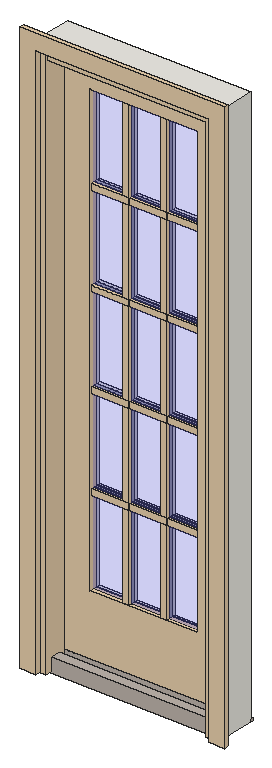
Revit family "Door-Gliding-Andersen-400_Series-Single 2", category Doors, host Wall, Revit 2013
Parameters
  Type Comments = "Vinyl-clad wood Gliding Staionary Patio Door"  # constant formula
  Rough Width = Width + (Rough Opening Offset * 2)  # 2' - 2 1/2"
  Rough Opening Offset = 0' - 0 1/4"
  Rough Height = if(1 > 0, Height + 0' 0 1/2", 0' 0")  # 6' - 8 1/2"
  Masonry Width = if(Enter Exterior Trim Number > 0, Width + ((casing4 + Masonry Opening Offset) * 2), Width + (Masonry Opening Offset * 2))  # 2' - 2 1/2"
  Masonry Opening Offset = 0' - 0 1/4"
  Masonry Height = if(Enter Exterior Trim Number > 0, Height + (casing4 + 0' 0 1/2"), Height + 0' 0 1/2")  # 6' - 8 1/2"
  Learn About These Parameters = "http://www.andersenwindows.com/for-professionals/cad-symbols-bim-support-window-doors/bim-support"
  Interior Material = Wood - Andersen - Pine
  Interior Grille Bar Visibility = yes
  Grille Bar Sizes = "3/4'', 7/8'', 1 1/8'', 2 1/4''"  # constant formula
  Exterior Grille Bar Visibility = yes
  Between Glass Grille Bar Sizes = "3/4'', 1''"  # constant formula
  Interior Trim Visibility = yes
  Grille Bar Size = 0' - 0 7/8"
  Enter Pattern Number = 1
  ..Pattern Number 1 = "Colonial"  # constant formula
  . . Lights Wide = 3
  . . Lights High = 5
  ..Pattern Number 2 = "Modified Colonial"  # constant formula
  ..Pattern Number 3 = "Prairie"  # constant formula
  ..Pattern Number 4 = "Short Fractional"  # constant formula
  ..Pattern Number 5 = "Tall Fractional"  # constant formula
  Extension Jamb Visibility = yes
  Enter Exterior Trim Number = 0
  ..Exterior Trim Number 0 = "No Exterior Trim"  # constant formula
  ..Exterior Trim  Number 1 = "Brick Mould"  # constant formula
  ..Exterior Trim Number 2 = "3 1/2'' Flat Casing"  # constant formula
  ..Exterior Trim  Number 3 = "4 1/2'' Flat Casing"  # constant formula
  Between Glass Grille Bar Visibility = yes
  xjamb Visibility [instance] = and(Extension Jamb Visibility, Wall Depth > 0' 4 9/16")  # no
  xjamb S1 [instance] = if(Wall Depth < 0' 4 5/8", 0' 0 1/16", 0' 0")  # 0' - 0 1/16"
  casingS2 = if(Enter Exterior Trim Number = 1, 0' 0 3/16", 0' 0 3/16")  # 0' - 0 3/16"
  casingS1 = if(Enter Exterior Trim Number = 1, 0' 0 7/16", 0' 0 3/16")  # 0' - 0 3/16"
  casing4 = if(Enter Exterior Trim Number = 1, 0' 1 3/4", if(Enter Exterior Trim Number = 2, 0' 3 1/4", 0' 4 1/4"))  # 0' - 4 1/4"
  casing3 = 0' - 0 1/2"  # constant formula
  casing2 = 0' - 0 7/8"  # constant formula
  casing1 = 0' - 0 1/4"  # constant formula
  Wall Thickness [instance] = 0' - 8"
  Wall Depth [instance] = 0' - 4 9/16"
  Void Offset 1 [instance] = if(Enter Exterior Trim Number > 0, casing4, 0' 0")  # 0' - 0"
  Void Depth [instance] = if(Wall Thickness > Wall Depth, 0' 1" + Wall Thickness - Wall Depth, 0' 1")  # 0' - 4 7/16"
  VGB DLO = if(Enter Pattern Number = 3, 0' 4", (H DLO - (Grille Bar Size * (V Bars))) / if(LWide > 2, LWide, 3))  # 0' - 4.56771"
  V Bars = if(Enter Pattern Number = 3, 2, if(LWide > 2, LWide - 1, 2))  # 2
  URL = "www.andersenwindows.com"
  TS V DLO = Height - HGO - SGO  # 5' - 3 7/8"
  TS V Bar Length = if(or(Enter Pattern Number = 5, Enter Pattern Number = 2), ((((Height - HGO - SGO - (Grille Bar Size * (Fractional Lights High - 1))) / Fractional Lights High)) * TFL) + (TFB * Grille Bar Size), if(Enter Pattern Number = 4, ((Height - HGO - SGO - (Grille Bar Size * (Fractional Lights High - 1))) / Fractional Lights High), Height - HGO - SGO))  # 5' - 3 7/8"
  TS SH DLO = if(or(Enter Pattern Number = 5, Enter Pattern Number = 2), ((((Height - HGO - SGO - (Grille Bar Size * (Fractional Lights High - 1))) / Fractional Lights High)) * TFL) + (TFB * Grille Bar Size) + HGO + (Grille Bar Size / 2), if(Enter Pattern Number = 4, TS V Bar Length + HGO + (Grille Bar Size / 2), (TS V DLO / 2) + HGO))  # 3' - 1 1/2"
  TS S V = or(and(LWide = 2, Enter Pattern Number = 1), and(Fractional Lights Wide = 2, or(or(Enter Pattern Number = 2, Enter Pattern Number = 4), Enter Pattern Number = 5)))  # no
  TS S H Craftsman = and(Enter Pattern Number = 2, or(Fractional Lights High = 4, Fractional Lights High = 5))  # no
  TS S H = or(or(or(and(. . Lights High = 2, Enter Pattern Number = 1), and(Enter Pattern Number = 4, Fractional Lights High > 1)), and(Enter Pattern Number = 5, Fractional Lights High > 1)), and(Enter Pattern Number = 2, Fractional Lights High > 1))  # no
  TS M V = and(Enter Pattern Number > 0, LWide > 2)  # yes
  TS M H = or(or(Enter Pattern Number = 3, and(. . Lights High > 2, Enter Pattern Number = 1)), and(Enter Pattern Number = 2, Fractional Lights High > 5))  # yes
  TS HGB DLO = if(Enter Pattern Number = 1, if(. . Lights High > 2, ((TS V Bar Length - (Grille Bar Size * (. . Lights High - 1))) / . . Lights High), 0' 4"), if(Enter Pattern Number = 3, 0' 4", if(Fractional Lights High > 2, ((TS V Bar Length - (Grille Bar Size * 2)) / 3), 0' 4")))  # 1' - 0.075"
  TS H Bars = if(Enter Pattern Number = 3, 2, if(Enter Pattern Number = 1, if(. . Lights High > 2, . . Lights High - 1, 2), 2))  # 4
  TFL = if(Fractional Lights High > 5, 3, if(or(Fractional Lights High = 4, Fractional Lights High = 5), 2, if(or(Fractional Lights High = 2, Fractional Lights High = 3), 1, 1)))  # 2
  TFB = TFL - 1  # 1
  Sill Interior Offset [instance] = 0' - 0"  # constant formula
  Sill Height [instance] = 0' - 1 25/32"  # constant formula
  Panel Bottom Inset [instance] = 0' - 2 5/32"  # constant formula
  Sill Depth [instance] = 0' - 5 1/2"  # constant formula
  SGO = 0' - 10 9/16"  # constant formula
  Product Documentation Link = "http://www.andersenwindows.com/products/400-series-frenchwood-gliding-patio-door/"
  Panel Width = ((Width) - 0' 1 3/4") + 0' 3 1/2"  # 2' - 3 3/4"
  Panel Height [instance] = (CTRL Height - 0' 0 1/2" - Panel Bottom Inset) - 0' 0 15/32"  # 6' - 4 7/8"
  Nail Fin Visibility = Enter Exterior Trim Number = 0  # yes
  Model = "400 Series Gliding"  # constant formula
  Manufacturer = "Andersen Corporation"  # constant formula
  LWide = if(Enter Pattern Number = 3, 3, if(Enter Pattern Number = 1, . . Lights Wide, Fractional Lights Wide))  # 3
  JGO = 0' - 5 5/16"  # constant formula
  Is Gliding = 1 = 1  # yes
  Interior Trim Size = 0' - 2 1/4"
  Horizontal Craftsman Bar Size = 0' - 0 3/4"
  HGO = 0' - 5 9/16"  # constant formula
  H DLO = (Width) - JGO - 0' 5 15/64"  # 1' - 3 29/64"
  Glazing Material = Glass ‐ Andersen - Low-E4 SmartSun
  Function = Exterior
  Height = 6' - 8"
  Wall Closure = By host
  Width = 2' - 2"
  Frame Interior Inset [instance] = 0' - 0"  # constant formula
  Frame Depth [instance] = 0' - 5 7/8"  # constant formula
  Fractional Lights Wide = 3
  Fractional Lights High = 5
  Family Version = "06.01.14"  # constant formula
  Exterior Unit Finish = Vinyl - Andersen - White
  Exterior Trim Finish = Fibrex Composite - Andersen - White
  Designation = "FWG"
  Description = "Vinyl-clad wood Gliding Staionary Patio Door"  # constant formula
  Coarse Plan [instance] = if(Wall Depth > Wall Thickness, Wall Thickness, Wall Depth)  # 0' - 4 9/16"
  Casing Visibility [instance] = Enter Exterior Trim Number > 0  # no
  CTRL Height [instance] = Height  # 6' - 8"
  Between Glass Grille Bar Finish = Stainless Steel - Andersen - Standard
  BS V DLO = Height - HGO - SGO  # 5' - 3 7/8"
  BS SH DLO = if(Enter Pattern Number = 5, SGO + 0' 4" + (Grille Bar Size / 2), (BS V DLO / 2) + SGO)  # 3' - 6 1/2"
  BS S V = and(LWide = 2, Enter Pattern Number = 1)  # no
  BS S H = no
  BS M V = or(or(and(LWide > 2, Enter Pattern Number = 1), Enter Pattern Number = 3), Enter Pattern Number = 5)  # yes
  BS M H = no
  BS HGB DLO = 0' - 2"
  BS H Bars = 2
Reference planes (in)
  plane 1 "Center (Front/Back)": y = 0
  plane 2 "Center (Left/Right)": x = 0
  plane 3 "R Frame": x = -13
  plane 4 "L Frame": x = 13
  plane 5 "T Frame": z = 80
  plane 6 "Wall S1": y = 3.71875
  plane 7 "Wall S2": y = -4.28125
  plane 8 "Interior Casing": y = -4.90625
  plane 9 "Frame S2": y = -4.28125
  plane 10 "Flange": y = 0.28125
  plane 11 "Frame S1": y = 1.59375
  plane 12 "Casing S2": y = 1.78125
  plane 13 "Casing S1": y = 1.78125
  plane 14 "Exterior Offset": y = 4.71875
  plane 15 "Coarse Detail Plan": y = 1.5625
  plane 16 "R Rough Opening": x = -13.25
  plane 17 "R Casing 1": x = -12.75
  plane 18 "R Casing 2": x = -16.375
  plane 19 "R Casing 3": x = -16.75
  plane 20 "R Casing 4": x = -17.25
  plane 21 "R Masonry Opening": x = -13.25
  plane 22 "L Masonry Opening": x = 13.25
  plane 23 "L Casing 4": x = 17.25
  plane 24 "L Casing 3": x = 16.75
  plane 25 "L Casing 2": x = 16.375
  plane 26 "L Casing 1": x = 12.75
  plane 27 "L Rough Opening": x = 13.25
  plane 28 "T Rough Opening": z = 80.5
  plane 29 "T Casing 1": z = 79.75
  plane 30 "T Casing 2": z = 83.375
  plane 31 "T Casing 3": z = 83.75
  plane 32 "T Casing 4": z = 84.25
  plane 33 "T Masonry Opening": z = 80.5
  plane 34 "R Int Casing": x = -14.5
  plane 35 "R Xjamb 2": x = -12.875
  plane 36 "R Xjamb 1": x = -12.25
  plane 37 "L Int Casing": x = 14.5
  plane 38 "L Xjamb 2": x = 12.875
  plane 39 "L Xjamb 1": x = 12.25
  plane 40 "T Int Casing": z = 81.5
  plane 41 "T Xjamb 2": z = 79.875
  plane 42 "T Xjamb 1": z = 79.25
  plane 43 "L Panel": x = 12.062
  plane 44 "R Panel": x = -12.0625
  plane 45 "T Panel": z = 78.84375
  plane 46 "B Panel": z = 1.96875
  plane 47 "B Glazing": z = 10.5625
  plane 48 "T Glazing": z = 74.4375
  plane 49 "L Glazing": x = 7.6875
  plane 50 "R Glazing": x = -7.6875
  plane 51 "Panel1 S1": y = -1.80616
  plane 52 "Panel1 S2": y = -3.52491
  plane 53 "Xjamb S1": y = -4.21875
  plane 54 "Frame S2 Ext": y = 1.59375
  plane 55 "Stop Exterior": y = -1.7389
  plane 56 "Stop Interior": y = -2.12494
  plane 57 "Sill Interior": y = -4.28125
  plane 58 "Sill Exterior": y = 1.21875
  plane 59 "L Stop": x = 11.28075
  plane 60 "R Stop": x = -11.281
  plane 61 "T Stop": z = 78.19848
  plane 62 "Sill Height": z = 1.78125
  plane 63 "Panel2 S1": y = 0.5785
  plane 64 "Panel2 S2": y = -1.14025
  plane 65 "Panel 1 Glazing 1": y = -1.96241
  plane 66 "Panel 1 Glazing 2": y = -1.21241
  plane 67 "Panel 2 Glazing 2": y = -0.57775
  plane 68 "Panel 2 Glazing 1": y = 0.17225
  plane 69 "Panel Elevation Center": z = 40.40625
  plane 70 "Vertical Bar Length": z = 10.5625
Forms (in)
  Extrusion 1, void
    sketch origin (0, 0, 0) x (1, 0, 0) y (0, 0, 1)
      loop
        line (13, 80) -> (-13, 80) -> (-13, 0) -> (13, 0) -> (13, 80)
    from -0.28125 to 4.28125
  Extrusion 2, void
    sketch origin (0, 0, 0) x (1, 0, 0) y (0, 0, 1)
      loop
        line (13, 80) -> (-13, 80) -> (-13, 0) -> (13, 0) -> (13, 80)
    from -15.71875 to -0.28125
  Sweep 3, solid, material "Fibrex Composite - Andersen - White" <- "Exterior Trim Finish", visible <- "Casing Visibility", detail levels medium+fine
    path origin (0, 0.28125, 0) x (-1, 0, 0) y (0, 0, 1)
      loop
        line (-17.25, 0) -> (-17.25, 84.25) -> (17.25, 84.25) -> (17.25, 0)
    profile origin (17.25, 0.28125, 42.125) x (1, 0, 0) y (0, 1, 0)
      loop
        line (-0.875, 1.5) -> (-4.5, 1.5) -> (-4.5, 0) -> (0, 0) -> (0, 1.5) -> (-0.5, 1.5) -> (-0.875, 1.5)
  Extrusion 4, solid, material "Fibrex Composite - Andersen - White" <- "Exterior Trim Finish", visible <- "Casing Visibility", detail levels coarse
    sketch origin (0, 0.28125, 0) x (-1, 0, 0) y (0, 0, 1)
      loop
        line (-12.75, 79.75) -> (12.75, 79.75) -> (12.75, 0) -> (17.25, 0) -> (17.25, 84.25) -> (-17.25, 84.25) -> (-17.25, 0) -> (-12.75, 0) -> (-12.75, 79.75)
    from 0 to 1.4375
  Extrusion 5, solid, material "Wood - Andersen - Pine" <- "Interior Material", visible <- "Interior Trim Visibility", detail levels fine
    sketch origin (0, 0, 0) x (1, 0, 0) y (0, 0, 1)
      loop
        line (-12.25, 79.25) -> (12.25, 79.25) -> (12.25, 0) -> (14.5, 0) -> (14.5, 81.5) -> (-14.5, 81.5) -> (-14.5, 0) -> (-12.25, 0) -> (-12.25, 79.25)
    from 4.28125 to 4.90625
  Extrusion 6, solid, material "Wood - Andersen - Pine" <- "Interior Material", visible <- "xjamb Visibility", detail levels medium+fine
    sketch origin (0, 0, 0) x (1, 0, 0) y (0, 0, 1)
      loop
        line (-12.875, 0) -> (-12.25, 0) -> (-12.25, 79.25) -> (12.25, 79.25) -> (12.25, 0) -> (12.875, 0) -> (12.875, 79.875) -> (-12.875, 79.875) -> (-12.875, 0)
    from 4.21875 to 4.28125
  Sweep 7, solid, material "Vinyl - Andersen - White" <- "Exterior Unit Finish", detail levels medium+fine
    path origin (0, 0.28125, 0) x (-1, 0, 0) y (0, 0, 1)
      loop
        line (-13, 80) -> (13, 80)
    profile origin (0, 0.28125, 80) x (0, 0, 1) y (0, 1, 0)
      loop
        line (0, 1.374) -> (-1, 1.374) -> (-1, -1.5015) -> (-1.75, -1.5015) -> (-1.75, -1.8925) -> (-1, -1.8925) -> (-1, -3.8103) -> (-1.807, -3.8103) -> (-1.807, -4.5) -> (0, -4.5) -> (0, 1.374)
  Sweep 8, solid, material "Vinyl - Andersen - White" <- "Exterior Unit Finish", detail levels coarse
    path origin (-0.30351, 0.28125, 0) x (-1, 0, 0) y (0, 0, 1)
      loop
        line (-13.30351, 0) -> (-13.30351, 80) -> (12.69649, 80) -> (12.69649, 0)
    profile origin (13, 0.28125, 40) x (1, 0, 0) y (0, 1, 0)
      loop
        line (-0.938, -4.5625) -> (0, -4.5625) -> (0, 0.9375) -> (-0.938, 0.9375) -> (-0.938, -4.5625)
  Sweep 9, solid, material "Aluminum - Andersen - Painted - Sandtone", detail levels medium+fine
    path origin (0, 0.28125, 0) x (-1, 0, 0) y (0, 0, 1)
      loop
        line (-13, 0) -> (13, 0)
    profile origin (0, 0.28125, 0) x (0, 0, 1) y (0, 1, 0)
      loop
        line (0, -3.81874) -> (1.96875, -3.81874) -> (1.96875, -2.41242) -> (0.50251, -2.41242) -> (0.46791, -1.4215) -> (1.96875, -1.4215) -> (1.96875, 0.3525) -> (0.40596, 0.3525) -> (0.35924, 1.69029) -> (0, 1.69029) -> (0, -3.81874)
  Sweep 10, solid, material "Aluminum - Andersen - Painted - Sandtone", detail levels coarse
    path origin (0, 0.28125, 0) x (-1, 0, 0) y (0, 0, 1)
      loop
        line (-13, 1.96875) -> (13, 1.96875)
    profile origin (0, 0.28125, 1.96875) x (0, 0, 1) y (0, 1, 0)
      loop
        line (0, 0.9375) -> (-1.96875, 0.9375) -> (-1.96875, -4.5625) -> (0, -4.5625) -> (0, 0.9375)
  Sweep 11, solid, material "Wood - Andersen - Pine" <- "Interior Material"
    path origin (0, -3.52491, 0) x (-1, 0, 0) y (0, 0, 1)
      loop
        line (12.0625, 1.96875) -> (12.0625, 78.84375) -> (-12.062, 78.84375) -> (-12.062, 1.96875)
    profile origin (-0.00025, -3.52491, 78.84375) x (0, 0, -1) y (0, 1, 0)
      loop
        line (0, 2.38466) -> (4.40625, 2.38466) -> (4.40625, 3.69716) -> (0, 3.69716) -> (0, 2.38466)
  Sweep 12, solid, material "Glass ‐ Andersen - Low-E4 SmartSun" <- "Glazing Material"
    path origin (0, 1.21875, 0) x (-1, 0, 0) y (0, 0, 1)
      loop
        line (0, 10.5625) -> (0, 74.4375)
    profile origin (0, 1.21875, 42.5) x (1, 0, 0) y (0, 1, 0)
      loop
        line (-7.65625, -1.7965) -> (7.6875, -1.7965) -> (7.6875, -1.0465) -> (-7.65625, -1.0465) -> (-7.65625, -1.7965)
  Sweep 13, solid, material "Vinyl - Andersen - White" <- "Exterior Unit Finish"
    path origin (0, 1.21875, 0) x (-1, 0, 0) y (0, 0, 1)
      loop
        line (12.0625, 1.96875) -> (12.0625, 78.84375) -> (-12.062, 78.84375) -> (-12.062, 1.96875)
    profile origin (-0.00025, 1.21875, 78.84375) x (0, 0, -1) y (0, 1, 0)
      loop
        line (0, -0.64025) -> (0, -1.0465) -> (4.40625, -1.0465) -> (4.40625, -0.64025) -> (0, -0.64025)
  Sweep 14, solid, material "Vinyl - Andersen - White" <- "Exterior Unit Finish", detail levels medium+fine
    path origin (0, 0.17225, 0) x (-1, 0, 0) y (0, 0, 1)
      loop
        line (-13, 0) -> (-13, 80)
    profile origin (13, 0.17225, 40) x (1, 0, 0) y (0, 1, 0)
      loop
        line (-1.719, -4.391) -> (0, -4.391) -> (0, 1.484) -> (-1.375, 1.484) -> (-1.375, 0.48524) -> (-0.938, 0.46997) -> (-0.938, -1.47956) -> (-1.375, -1.53745) -> (-1.375, -1.25) -> (-1.719, -1.25) -> (-1.719, -4.391)
      loop
        line (-24.281, -4.4535) -> (-24.281, -1.3125) -> (-24.625, -1.3125) -> (-24.625, -1.59995) -> (-25.062, -1.54206) -> (-25.062, 0.40747) -> (-24.625, 0.42274) -> (-24.625, 1.4215) -> (-26, 1.4215) -> (-26, -4.4535) -> (-24.281, -4.4535)
  Sweep 15, solid, material "Wood - Andersen - Pine" <- "Interior Material"
    path origin (0, 0.17225, 0) x (-1, 0, 0) y (0, 0, 1)
      loop
        line (7.6875, 1.96875) -> (-7.6875, 1.96875)
    profile origin (0, 0.17225, 1.96875) x (0, 0, -1) y (0, 1, 0)
      loop
        line (-8.59375, 0) -> (-8.59375, -1.3125) -> (0, -1.3125) -> (0, 0) -> (-8.59375, 0)
  Sweep 16, solid, material "Vinyl - Andersen - White" <- "Exterior Unit Finish"
    path origin (0, 0.17225, 0) x (-1, 0, 0) y (0, 0, 1)
      loop
        line (7.6875, 1.96875) -> (-7.6875, 1.96875)
    profile origin (0, 0.17225, 1.96875) x (0, 0, -1) y (0, 1, 0)
      loop
        line (-8.59375, 0.40625) -> (-8.59375, 0) -> (0, 0) -> (0, 0.40625) -> (-8.59375, 0.40625)
  Sweep 17, void
    path origin (0, 0.28125, 0) x (-1, 0, 0) y (0, 0, 1)
      loop
        line (0, 0) -> (0, 1.96875)
    profile origin (0, 0.28125, 0.98438) x (1, 0, 0) y (0, 1, 0)
      loop
        line (-11.625, 1.3125) -> (-13, 1.3125) -> (-13, -4.5625) -> (-11.281, -4.5625) -> (-11.281, -1.4215) -> (-11.625, -1.4215) -> (-11.625, -1.70895) -> (-12.062, -1.65106) -> (-12.062, 0.31374) -> (-11.625, 0.31374) -> (-11.625, 1.3125)
      loop
        line (11.625, 1.3125) -> (11.625, 0.37624) -> (12.062, 0.37624) -> (12.062, -1.58856) -> (11.625, -1.64645) -> (11.625, -1.4215) -> (11.28075, -1.4215) -> (11.28075, -4.5625) -> (13, -4.5625) -> (13, 1.3125) -> (11.625, 1.3125)
  Sweep 18, void
    path origin (0, 0.28125, 0) x (-1, 0, 0) y (0, 0, 1)
      loop
        line (0, 0) -> (0, 1.96875)
    profile origin (0, 0.28125, 0.98438) x (1, 0, 0) y (0, 1, 0)
      loop
        line (13, 1.3125) -> (12.062, 1.3125) -> (12.062, -4.5625) -> (13, -4.5625) -> (13, 1.3125)
      loop
        line (-12.062, 1.3125) -> (-13, 1.3125) -> (-13, -4.5625) -> (-12.062, -4.5625) -> (-12.062, 1.3125)
Cuts and joins
  joined: Sweep 13, Sweep 16
  joined: Sweep 11, Sweep 15
  joined: Sweep 7, Sweep 14
  Sweep 17 cuts Sweep 9
  Sweep 18 cuts Sweep 10
Lines and regions (in)
  Masking region 1, visible <- "Casing Visibility"
    outline origin (0, 0, 0) x (0, 1, 0) y (0, 0, 1)
      loop
        line (0.28125, 80) -> (1.59375, 80) -> (1.59375, 0) -> (1.78125, 0) -> (1.78125, 84.25) -> (0.28125, 84.25) -> (0.28125, 80)
  Masking region 2
    outline origin (0, 0, 0) x (1, 0, 0) y (0, 1, 0)
      loop
        line (-13, 1.59375) -> (-13, -4.28125) -> (13, -4.28125) -> (13, 1.59375) -> (-13, 1.59375)
  Masking region 3
    outline origin (0, 0, 0) x (0, 1, 0) y (0, 0, 1)
      loop
        line (1.59375, 80) -> (-4.28125, 80) -> (-4.28125, 0) -> (1.59375, 0) -> (1.59375, 80)
  Masking region 4, visible <- "Casing Visibility", detail levels coarse+medium
    outline origin (0, 0, 0) x (1, 0, 0) y (0, 1, 0)
      loop
        line (-17.25, 1.78125) -> (-17.25, 0.28125) -> (-13, 0.28125) -> (-13, 1.78125) -> (-17.25, 1.78125)
  Masking region 5, visible <- "Casing Visibility", detail levels coarse+medium
    outline origin (0, 0, 0) x (1, 0, 0) y (0, 1, 0)
      loop
        line (13, 1.78125) -> (13, 0.28125) -> (17.25, 0.28125) -> (17.25, 1.78125) -> (13, 1.78125)
  Masking region 6, visible <- "Casing Visibility"
    outline origin (0, 1.21875, 0) x (-1, 0, 0) y (0, 0, 1)
      loop
        line (-17.25, 84.25) -> (-17.25, 0) -> (-13, 0) -> (-13, 80) -> (13, 80) -> (13, 0) -> (17.25, 0) -> (17.25, 84.25) -> (-17.25, 84.25)
  Masking region 7, visible <- "Interior Trim Visibility", detail levels fine
    outline origin (0, -4.90625, 0) x (-1, 0, 0) y (0, 0, 1)
      loop
        line (-14.5, 81.5) -> (-14.5, 0) -> (-12.25, 0) -> (-12.25, 79.25) -> (12.25, 79.25) -> (12.25, 0) -> (14.5, 0) -> (14.5, 81.5) -> (-14.5, 81.5)
  Masking region 8
    outline origin (0, -4.28125, 0) x (-1, 0, 0) y (0, 0, 1)
      loop
        line (-13, 80) -> (-13, 0) -> (13, 0) -> (13, 80) -> (-13, 80)
      loop
        line (-11.28075, 78.19848) -> (-11.28075, 1.78125) -> (11.281, 1.78125) -> (11.281, 78.19848) -> (-11.28075, 78.19848)
  Masking region 9
    outline origin (0, 1.21875, 0) x (-1, 0, 0) y (0, 0, 1)
      loop
        line (13, 80) -> (-13, 80) -> (-13, 0) -> (13, 0) -> (13, 80)
      loop
        line (11.281, 78.19848) -> (-11.28075, 78.19848) -> (-11.28075, 1.96875) -> (11.281, 1.96875) -> (11.281, 78.19848)
  Masking region 10
    outline origin (0, -1.14025, 0) x (-1, 0, 0) y (0, 0, 1)
      loop
        line (12.0625, 78.84375) -> (-12.062, 78.84375) -> (-12.062, 1.96875) -> (12.0625, 1.96875) -> (12.0625, 78.84375)
  Masking region 11, visible <- "Interior Trim Visibility", detail levels fine
    outline origin (0, 0, 0) x (1, 0, 0) y (0, 1, 0)
      loop
        line (-14.5, -4.28125) -> (-14.5, -4.90625) -> (-12.25, -4.90625) -> (-12.25, -4.28125) -> (-14.5, -4.28125)
  Masking region 12, visible <- "xjamb Visibility", detail levels medium+fine
    outline origin (0, 0, 0) x (1, 0, 0) y (0, 1, 0)
      loop
        line (-12.875, -4.21875) -> (-12.875, -4.28125) -> (-12.25, -4.28125) -> (-12.25, -4.21875) -> (-12.875, -4.21875)
  Masking region 13, visible <- "Interior Trim Visibility", detail levels fine
    outline origin (0, 0, 0) x (1, 0, 0) y (0, 1, 0)
      loop
        line (12.25, -4.28125) -> (12.25, -4.90625) -> (14.5, -4.90625) -> (14.5, -4.28125) -> (12.25, -4.28125)
  Masking region 14, visible <- "xjamb Visibility", detail levels medium+fine
    outline origin (0, 0, 0) x (1, 0, 0) y (0, 1, 0)
      loop
        line (12.25, -4.21875) -> (12.25, -4.28125) -> (12.875, -4.28125) -> (12.875, -4.21875) -> (12.25, -4.21875)
  Masking region 15, visible <- "Interior Trim Visibility", detail levels fine
    outline origin (0, 0, 0) x (0, 1, 0) y (0, 0, 1)
      loop
        line (-4.28125, 81.5) -> (-4.90625, 81.5) -> (-4.90625, 0) -> (-4.28125, 0) -> (-4.28125, 81.5)
  Masking region 16, visible <- "xjamb Visibility", detail levels medium+fine
    outline origin (0, 0, 0) x (0, 1, 0) y (0, 0, 1)
      loop
        line (-4.21875, 79.875) -> (-4.28125, 79.875) -> (-4.28125, 0) -> (-4.21875, 0) -> (-4.21875, 79.875)
  Split face 1
    outline origin (13, 0.17225, 80) x (0, 1, 0) y (-1, 0, 0)
      loop
        line (-1.3125, 0) -> (-1.3125, 26)
  Split face 2
    outline origin (13, 1.65625, 0) x (0, 0, 1) y (0, -1, 0)
      loop
        line (80, 2.7965) -> (0, 2.7965)
  Split face 3
    outline origin (-13, -4.28125, 0) x (0, 0, 1) y (0, 1, 0)
      loop
        line (80, 3.141) -> (0, 3.141)
  Split face 4
    outline origin (13, 0.17225, 0) x (0, 1, 0) y (-1, 0, 0)
      loop
        line (-1.3125, 26) -> (-1.3125, 0)
  Masking region 17, visible <- "Casing Visibility", detail levels fine
    outline origin (0, 0, 0) x (1, 0, 0) y (0, 1, 0)
      loop
        line (16.75, 1.78125) -> (16.375, 1.78125) -> (12.75, 1.78125) -> (12.75, 1.59375) -> (13, 1.59375) -> (13, 0.28125) -> (17.25, 0.28125) -> (17.25, 1.78125) -> (16.75, 1.78125)
      loop
        line (-16.375, 1.78125) -> (-16.75, 1.78125) -> (-17.25, 1.78125) -> (-17.25, 0.28125) -> (-13, 0.28125) -> (-13, 1.59375) -> (-12.75, 1.59375) -> (-12.75, 1.78125) -> (-16.375, 1.78125)
  Split face 5
    outline origin (-12.062, -4.28125, 79.062) x (0, 0, -1) y (0, 1, 0)
      loop
        line (79.062, 3.141) -> (0, 3.141)
  Split face 6
    outline origin (12.062, -4.28125, 0) x (0, 0, 1) y (0, 1, 0)
      loop
        line (0, 3.141) -> (79.062, 3.141)
  Split face 7
    outline origin (12.062, -4.28125, 79.062) x (0, 1, 0) y (-1, 0, 0)
      loop
        line (3.141, 24.124) -> (3.141, 0)
  Split face 8
    outline origin (-13, 1.21875, 80) x (0, 0, -1) y (0, -1, 0)
      loop
        line (80, 2.359) -> (0, 2.359)
  Split face 9
    outline origin (13, 1.21875, 80) x (-1, 0, 0) y (0, -1, 0)
      loop
        line (26, 2.359) -> (0, 2.359)
  Split face 10
    outline origin (13, 1.21875, 0) x (0, 0, 1) y (0, -1, 0)
      loop
        line (80, 2.359) -> (0, 2.359)
  symbolic lines, style "DoorsFrameMullionProjection", visible <- "Casing Visibility", detail levels medium+fine
    curve 1: line (0, 1.78125, 83.75) -> (0, 1.78125, 83.375)
    curve 2: line (0, 1.78125, 83.375) -> (0, 1.78125, 79.75)
    curve 3: line (0, 1.78125, 79.75) -> (0, 1.59375, 79.75)
  symbolic lines, style "DoorsFrameMullionProjection", detail levels coarse
    curve 4: line (0, 1.59375, 80) -> (0, 1.78125, 80)
    curve 5: line (12.062, 1.59375, 2.1562) -> (12.062, -4.28125, 2.1562)
    curve 6: line (0, 1.59375, 79.25) -> (0, -4.21875, 79.25)
    curve 7: line (0, 1.21875, 0) -> (0, 1.21875, 1.96875)
    curve 8: line (0, 1.21875, 1.96875) -> (0, -4.28125, 1.96875)
    curve 9: line (0, -4.21875, 79.25) -> (0, 1.59375, 79.25)
    curve 65: line (-12.0625, 1.59375, 2.1562) -> (-12.0625, -4.28125, 2.1562)
  symbolic lines, style "DoorsFrameMullionProjection", detail levels medium+fine
    curve 10: line (-12.625, -4.28125, 1.96875) -> (-13, -4.28125, 1.96875)
    curve 24: line (0, 1.59375, 80) -> (0, 1.59375, 79)
    curve 25: line (0, 1.59375, 79) -> (0, -1.28275, 79)
    curve 26: line (0, -1.28275, 79) -> (0, -1.28275, 78.19848)
    curve 27: line (0, -1.28275, 78.19848) -> (0, -1.67375, 78.19848)
    curve 28: line (0, -1.67375, 78.19848) -> (0, -1.67375, 79)
    curve 29: line (0, -1.67375, 79) -> (0, -3.59155, 79)
    curve 30: line (0, -3.59155, 79) -> (0, -3.59155, 78.193)
    curve 31: line (0, -3.59155, 78.193) -> (0, -4.28125, 78.193)
    curve 32: line (0, -4.28125, 78.193) -> (0, -4.28125, 80)
    curve 33: line (0, -4.28125, 80) -> (0, 1.59375, 80)
    curve 44: line (0, 1.97154, 0) -> (0, 1.97154, 0.35924)
    curve 45: line (0, 1.97154, 0.35924) -> (0, 0.63375, 0.40596)
    curve 46: line (0, 0.63375, 0.40596) -> (0, 0.63375, 1.95727)
    curve 47: line (0, 0.63375, 1.95727) -> (0, -1.14025, 1.95727)
    curve 48: line (0, -1.14025, 1.95727) -> (0, -1.14025, 0.46791)
    curve 49: line (0, -2.12149, 1.97899) -> (0, -2.12149, 0.50217)
    curve 50: line (0, -2.12149, 0.50217) -> (0, -1.14025, 0.46791)
    curve 51: line (0, -2.12149, 1.97899) -> (0, -3.53749, 1.97899)
    curve 52: line (0, -3.53749, 1.97899) -> (0, -3.53749, 0)
    curve 53: line (0, -3.53749, 0) -> (0, 1.97154, 0)
    curve 88: line (11.281, -4.21875, 1.38489) -> (13, -4.21875, 1.38489)
    curve 89: line (13, -4.21875, 1.38489) -> (13, 1.65625, 1.38489)
    curve 90: line (12.062, 0.65749, 1.38489) -> (12.062, -1.30731, 1.38489)
    curve 91: line (11.625, -1.07775, 1.38489) -> (11.281, -1.07775, 1.38489)
    curve 92: line (11.281, -1.07775, 1.38489) -> (11.281, -4.21875, 1.38489)
    curve 95: line (12.062, 0.65749, 0) -> (11.625, 0.65749, 0)
    curve 96: line (11.625, 0.65749, 0) -> (11.625, 1.65625, 0)
    curve 97: line (11.625, 1.65625, 0) -> (13, 1.65625, 0)
    curve 98: line (11.625, -1.07775, 0) -> (11.625, -1.3652, 0)
    curve 99: line (11.625, -1.3652, 0) -> (12.062, -1.30731, 0)
    curve 105: line (0, 0.63375, 0.40596) -> (0, -1.14025, 0.46791)
    curve 146: line (-11.281, -4.28125, 1.38489) -> (-13, -4.28125, 1.38489)
    curve 147: line (-13, -4.28125, 1.38489) -> (-13, 1.59375, 1.38489)
    curve 148: line (-12.062, 0.59499, 1.38489) -> (-12.062, -1.36981, 1.38489)
    curve 149: line (-11.625, -1.14025, 1.38489) -> (-11.281, -1.14025, 1.38489)
    curve 150: line (-11.281, -1.14025, 1.38489) -> (-11.281, -4.28125, 1.38489)
    curve 151: line (-12.062, 0.59499, 0) -> (-11.625, 0.59499, 0)
    curve 152: line (-11.625, 0.59499, 0) -> (-11.625, 1.59375, 0)
    curve 153: line (-11.625, 1.59375, 0) -> (-13, 1.59375, 0)
    curve 154: line (-11.625, -1.14025, 0) -> (-11.625, -1.4277, 0)
    curve 155: line (-11.625, -1.4277, 0) -> (-12.062, -1.36981, 0)
  symbolic lines, style "DoorsFrameMullionProjection"
    curve 11: line (11.28075, 1.21875, 1.96875) -> (11.28075, 1.21875, 0)
    curve 12: line (-11.281, 1.21875, 1.96875) -> (-11.281, 1.21875, 0)
    curve 13: line (-12.25, -4.28125, 79.25) -> (-12.25, -4.28125, 0)
    curve 14: line (12.25, -4.28125, 79.25) -> (12.25, -4.28125, 0)
    curve 15: line (-12.25, -4.28125, 79.25) -> (12.25, -4.28125, 79.25)
    curve 64: line (7.6875, -1.14025, 74.4375) -> (7.6875, -1.14025, 10.5625)
    curve 66: line (-12.0625, 0.5785, 1.96875) -> (12.062, 0.5785, 1.96875)
    curve 67: line (-12.0625, -1.14025, 1.96875) -> (-12.0625, 0.5785, 1.96875)
    curve 68: line (12.062, -1.14025, 1.96875) -> (-12.0625, -1.14025, 1.96875)
    curve 69: line (12.062, 0.5785, 1.96875) -> (12.062, -1.14025, 1.96875)
    curve 74: line (0, 0.5785, 78.84375) -> (0, -1.14025, 78.84375)
    curve 75: line (0, 0.5785, 1.96875) -> (0, 0.5785, 78.84375)
    curve 76: line (0, -1.14025, 1.96875) -> (0, 0.5785, 1.96875)
    curve 77: line (0, -1.14025, 78.84375) -> (0, -1.14025, 1.96875)
    curve 80: line (0, 0.17225, 74.4375) -> (0, 0.17225, 75.32661)
    curve 81: line (0, 0.17225, 75.32661) -> (0, -1.14025, 75.32661)
    curve 82: line (0, -0.57775, 74.4375) -> (0, -0.57775, 75.32661)
    curve 107: line (0, -1.109, 75.32661) -> (0, -1.109, 74.70161)
    curve 109: line (0, -1.109, 74.70161) -> (0, -0.57775, 74.4375)
    curve 111: line (0, 0.5785, 74.5) -> (0, 0.17225, 74.4375)
    curve 115: line (0, 0.17225, 10.5625) -> (0, 0.17225, 9.67339)
    curve 116: line (0, 0.17225, 9.67339) -> (0, -1.14025, 9.67339)
    curve 117: line (0, -0.57775, 10.5625) -> (0, -0.57775, 9.67339)
    curve 118: line (0, -1.109, 9.67339) -> (0, -1.109, 10.29839)
    curve 119: line (0, -1.109, 10.29839) -> (0, -0.57775, 10.5625)
    curve 121: line (0, 0.5785, 10.5) -> (0, 0.17225, 10.5625)
    curve 156: line (-7.6875, -1.14025, 74.4375) -> (7.6875, -1.14025, 74.4375)
    curve 157: line (-7.6875, -1.14025, 10.5625) -> (-7.6875, -1.14025, 74.4375)
    curve 158: line (7.6875, -1.14025, 10.5625) -> (-7.6875, -1.14025, 10.5625)
    curve 160: line (13, 1.59375, 0) -> (13, -4.28125, 0)
    curve 162: line (-13, 1.59375, 0) -> (-13, -4.28125, 0)
    curve 164: line (0, 1.59375, 80) -> (0, -4.28125, 80)
  symbolic lines, style "DoorsFrameMullionProjection", visible <- "Nail Fin Visibility", detail levels medium+fine
    curve 16: line (13, 0.28125, 1.96875) -> (14.625, 0.28125, 1.96875)
    curve 17: line (-13, 0.28125, 1.96875) -> (-14.625, 0.28125, 1.96875)
    curve 18: line (0, 0.28125, 81.625) -> (0, 0.28125, 80)
  symbolic lines, style "DoorsFrameMullionProjection", not visible, detail levels medium+fine
    curve 19: line (32.031, -3.28125, 1.38489) -> (33.75, -3.28125, 1.38489)
    curve 20: line (33.75, -3.28125, 1.38489) -> (33.75, 2.59375, 1.38489)
    curve 21: line (32.812, 1.59499, 1.38489) -> (32.812, -0.36981, 1.38489)
    curve 22: line (32.375, -0.14025, 1.38489) -> (32.031, -0.14025, 1.38489)
    curve 23: line (32.031, -0.14025, 1.38489) -> (32.031, -3.28125, 1.38489)
    curve 34: line (0, 2.59375, 80) -> (0, 2.59375, 79)
    curve 35: line (0, 2.59375, 79) -> (0, -0.28275, 79)
    curve 36: line (0, -0.28275, 79) -> (0, -0.28275, 78.19848)
    curve 37: line (0, -0.28275, 78.19848) -> (0, -0.67375, 78.19848)
    curve 38: line (0, -0.67375, 78.19848) -> (0, -0.67375, 79)
    curve 39: line (0, -0.67375, 79) -> (0, -2.59155, 79)
    curve 40: line (0, -2.59155, 79) -> (0, -2.59155, 78.193)
    curve 41: line (0, -2.59155, 78.193) -> (0, -3.28125, 78.193)
    curve 42: line (0, -3.28125, 78.193) -> (0, -3.28125, 80)
    curve 43: line (0, -3.28125, 80) -> (0, 2.59375, 80)
    curve 54: line (0, 2.97154, 0) -> (0, 2.97154, 0.35924)
    curve 55: line (0, 2.97154, 0.35924) -> (0, 1.63375, 0.40596)
    curve 56: line (0, 1.63375, 0.40596) -> (0, 1.63375, 1.95727)
    curve 57: line (0, 1.63375, 1.95727) -> (0, -0.14025, 1.95727)
    curve 58: line (0, -0.14025, 1.95727) -> (0, -0.14025, 0.46791)
    curve 59: line (0, -1.12149, 1.97899) -> (0, -1.12149, 0.50217)
    curve 60: line (0, -1.12149, 0.50217) -> (0, -0.14025, 0.46791)
    curve 61: line (0, -1.12149, 1.97899) -> (0, -2.53749, 1.97899)
    curve 62: line (0, -2.53749, 1.97899) -> (0, -2.53749, 0)
    curve 63: line (0, -2.53749, 0) -> (0, 2.97154, 0)
    curve 100: line (32.812, 1.59499, 0) -> (32.375, 1.59499, 0)
    curve 101: line (32.375, 1.59499, 0) -> (32.375, 2.59375, 0)
    curve 102: line (32.375, 2.59375, 0) -> (33.75, 2.59375, 0)
    curve 103: line (32.375, -0.14025, 0) -> (32.375, -0.4277, 0)
    curve 104: line (32.375, -0.4277, 0) -> (32.812, -0.36981, 0)
    curve 106: line (0, 1.63375, 0.40596) -> (0, -0.14025, 0.46791)
  symbolic lines, style "DoorsGlassProjection", detail levels medium+fine
    curve 70: line (7.6875, -0.57775, 1.96875) -> (-7.6875, -0.57775, 1.96875)
    curve 71: line (-7.6875, 0.17225, 1.96875) -> (7.6875, 0.17225, 1.96875)
  symbolic lines, style "DoorsGlassProjection", detail levels fine
    curve 72: line (8.57661, -0.45275, 1.96875) -> (-8.57661, -0.45275, 1.96875)
    curve 73: line (-8.57661, 0.04725, 1.96875) -> (8.57661, 0.04725, 1.96875)
    curve 86: line (0, 0.04725, 9.67339) -> (0, 0.04725, 75.32661)
    curve 87: line (0, -0.45275, 75.32661) -> (0, -0.45275, 9.67339)
    curve 110: line (0, 0.04725, 74.92036) -> (0, -0.45275, 74.92036)
    curve 120: line (0, 0.04725, 10.07964) -> (0, -0.45275, 10.07964)
    curve 129: line (8.17036, -0.45275, 0) -> (8.17036, 0.04725, 0)
    curve 145: line (-8.17036, -0.45275, 0) -> (-8.17036, 0.04725, 0)
  symbolic lines, style "DoorsGlassProjection"
    curve 78: line (0, 0.17225, 10.5625) -> (0, 0.17225, 74.4375)
    curve 79: line (0, -0.57775, 74.4375) -> (0, -0.57775, 10.5625)
  symbolic lines, style "DoorsFrameMullionProjection", not visible
    curve 83: line (0, 11.56506, 71.07) -> (0, 11.56506, 71.95911)
    curve 84: line (0, 11.56506, 71.95911) -> (0, 10.25256, 71.95911)
    curve 85: line (0, 10.81506, 71.07) -> (0, 10.81506, 71.95911)
    curve 108: line (0, 10.28381, 71.95911) -> (0, 10.28381, 71.33411)
    curve 112: line (0, 10.28381, 71.33411) -> (0, 10.81506, 71.07)
    curve 114: line (0, 11.97131, 71.1325) -> (0, 11.56506, 71.07)
  symbolic lines, style "DoorsFrameMullionProjection", visible <- "Interior Trim Visibility", detail levels fine
    curve 93: line (0, -4.28125, 79.25) -> (0, -4.90625, 79.25)
  symbolic lines, style "DoorsFrameMullionProjection", visible <- "xjamb Visibility", detail levels medium+fine
    curve 94: line (0, -4.21875, 79.25) -> (0, -4.28125, 79.25)
  symbolic lines, style "DoorsGlassProjection", not visible, detail levels fine
    curve 113: line (0, 11.44006, 71.55286) -> (0, 10.94006, 71.55286)
    curve 137: line (22.91701, -0.0409, 0) -> (22.91701, 0.4591, 0)
  symbolic lines, style "DoorsFrameMullionProjection", detail levels fine
    curve 122: line (7.75, 0.5785, 0) -> (7.6875, 0.17225, 0)
    curve 123: line (7.6875, 0.17225, 0) -> (8.57661, 0.17225, 0)
    curve 124: line (8.57661, 0.17225, 0) -> (8.57661, -1.109, 0)
    curve 125: line (8.57661, -1.109, 0) -> (7.95161, -1.109, 0)
    curve 126: line (7.95161, -1.109, 0) -> (7.6875, -0.57775, 0)
    curve 127: line (7.6875, -0.57775, 0) -> (8.57661, -0.57775, 0)
    curve 138: line (-7.75, 0.5785, 0) -> (-7.6875, 0.17225, 0)
    curve 139: line (-7.6875, 0.17225, 0) -> (-8.57661, 0.17225, 0)
    curve 140: line (-8.57661, 0.17225, 0) -> (-8.57661, -1.109, 0)
    curve 141: line (-8.57661, -1.109, 0) -> (-7.95161, -1.109, 0)
    curve 142: line (-7.95161, -1.109, 0) -> (-7.6875, -0.57775, 0)
    curve 143: line (-7.6875, -0.57775, 0) -> (-8.57661, -0.57775, 0)
  symbolic lines, style "DoorsFrameMullionProjection", detail levels medium
    curve 128: line (7.6875, -1.14025, 0) -> (7.6875, 0.5785, 0)
    curve 144: line (-7.6875, -1.14025, 0) -> (-7.6875, 0.5785, 0)
  symbolic lines, style "DoorsFrameMullionProjection", not visible, detail levels fine
    curve 130: line (22.49665, 0.99035, 0) -> (22.43415, 0.5841, 0)
    curve 131: line (22.43415, 0.5841, 0) -> (23.32326, 0.5841, 0)
    curve 132: line (23.32326, 0.5841, 0) -> (23.32326, -0.69715, 0)
    curve 133: line (23.32326, -0.69715, 0) -> (22.69826, -0.69715, 0)
    curve 134: line (22.69826, -0.69715, 0) -> (22.43415, -0.1659, 0)
    curve 135: line (22.43415, -0.1659, 0) -> (23.32326, -0.1659, 0)
  symbolic lines, style "DoorsFrameMullionProjection", not visible, detail levels medium
    curve 136: line (22.43415, -0.7284, 0) -> (22.43415, 0.99035, 0)
  symbolic lines, style "DoorsFrameMullionProjection", visible <- "Casing Visibility"
    curve 159: line (17.25, 1.78125, 0) -> (17.25, 0.28125, 0)
    curve 161: line (-17.25, 1.78125, 0) -> (-17.25, 0.28125, 0)
    curve 163: line (0, 1.78125, 84.25) -> (0, 0.28125, 84.25)
Text (in)
  text "Exterior" at (-74.96733, 27.31104, 0), in view "Ref. Level"
  text "Interior" at (-74.96733, -25.14366, 0), in view "Ref. Level"
  text "Exterior" at (0, 40.15149, 123.01588), in view "Right"
  text "Interior" at (0, -64.39139, 123.01588), in view "Right"
  text "Interior" at (0, -31.01599, 123.00693), in view "Left"
  text "Exterior" at (0, 54.57065, 123.00693), in view "Left"
Dimensions and locks (in)
  equal spacing: plane 3 "R Frame", plane 2 "Center (Left/Right)", plane 4 "L Frame"
  "CTRL Height": level to plane 5 "T Frame"
  "Width": plane 3 "R Frame" to plane 4 "L Frame"
  host wall to plane 5 "T Frame" = 6' - 8"
  "casingS2": plane 12 "Casing S2" to plane 11 "Frame S1"
  locked: plane 8 "Interior Casing" to host wall at 0.625
  locked: plane 14 "Exterior Offset" to host wall at 1
  "Void Offset 1": plane 4 "L Frame" to Extrusion 2 sketch curve
  "Void Offset 1": plane 5 "T Frame" to Extrusion 2 sketch curve
  "Void Offset 1": Extrusion 2 sketch curve to plane 3 "R Frame"
  "casing1": plane 26 "L Casing 1" to plane 4 "L Frame"
  "Rough Opening Offset": plane 4 "L Frame" to plane 27 "L Rough Opening"
  "casing4": plane 4 "L Frame" to plane 23 "L Casing 4"
  "casing2": plane 25 "L Casing 2" to plane 23 "L Casing 4"
  "casing3": plane 24 "L Casing 3" to plane 23 "L Casing 4"
  "casing1": plane 3 "R Frame" to plane 17 "R Casing 1"
  "Rough Opening Offset": plane 16 "R Rough Opening" to plane 3 "R Frame"
  "casing4": plane 20 "R Casing 4" to plane 3 "R Frame"
  "casing2": plane 20 "R Casing 4" to plane 18 "R Casing 2"
  "casing3": plane 20 "R Casing 4" to plane 19 "R Casing 3"
  "casing1": plane 29 "T Casing 1" to plane 5 "T Frame"
  "casing4": plane 5 "T Frame" to plane 32 "T Casing 4"
  "casing2": plane 30 "T Casing 2" to plane 32 "T Casing 4"
  "casing3": plane 31 "T Casing 3" to plane 32 "T Casing 4"
  locked: plane 3 "R Frame" to plane 35 "R Xjamb 2" at 0.125
  locked: plane 3 "R Frame" to plane 36 "R Xjamb 1" at 0.75
  "Interior Trim Size": plane 34 "R Int Casing" to plane 36 "R Xjamb 1"
  locked: plane 38 "L Xjamb 2" to plane 4 "L Frame" at 0.125
  locked: plane 39 "L Xjamb 1" to plane 4 "L Frame" at 0.75
  "Interior Trim Size": plane 39 "L Xjamb 1" to plane 37 "L Int Casing"
  locked: plane 41 "T Xjamb 2" to plane 5 "T Frame" at 0.125
  locked: plane 42 "T Xjamb 1" to plane 5 "T Frame" at 0.75
  locked: plane 42 "T Xjamb 1" to plane 40 "T Int Casing" at 2.25
  plane 45 "T Panel" to plane 5 "T Frame" = 0' - 1 5/32"
  plane 3 "R Frame" to plane 44 "R Panel" = 0' - 0 15/16"
  locked: plane 43 "L Panel" to plane 4 "L Frame" at 0.938
  locked: plane 51 "Panel1 S1" to plane 52 "Panel1 S2" at 1.71875
  "xjamb S1": plane 53 "Xjamb S1" to plane 9 "Frame S2"
  locked: Extrusion 2 to host wall at 12
  "Wall Thickness": host wall to host wall
  "Wall Depth": host wall to plane 10 "Flange"
  "casingS1": plane 13 "Casing S1" to plane 11 "Frame S1"
  "Frame Depth": plane 54 "Frame S2 Ext" to plane 9 "Frame S2"
  locked: plane 54 "Frame S2 Ext" to plane 55 "Stop Exterior" at 3.33265
  "Panel Height": plane 46 "B Panel" to plane 45 "T Panel"
  "Sill Interior Offset": plane 9 "Frame S2" to plane 57 "Sill Interior"
  locked: plane 54 "Frame S2 Ext" to plane 11 "Frame S1" at 0
  "Sill Depth": plane 58 "Sill Exterior" to plane 57 "Sill Interior"
  plane 61 "T Stop" to plane 42 "T Xjamb 1" = 0' - 1.05152"
  "Sill Height": level to plane 62 "Sill Height"
  plane 52 "Panel1 S2" to plane 9 "Frame S2" = 0' - 0.75634"
  locked: plane 63 "Panel2 S1" to plane 64 "Panel2 S2" at 1.71875
  locked: plane 54 "Frame S2 Ext" to plane 63 "Panel2 S1" at 1.01525
  locked: plane 55 "Stop Exterior" to plane 56 "Stop Interior" at 0.38604
  locked: plane 4 "L Frame" to curve 16 at 1.625
  locked: curve 17 to plane 3 "R Frame" at 1.625
  locked: plane 5 "T Frame" to curve 18 at 1.625
  locked: plane 63 "Panel2 S1" to plane 68 "Panel 2 Glazing 1" at 0.40625
  locked: plane 67 "Panel 2 Glazing 2" to plane 64 "Panel2 S2" at 0.5625
  locked: plane 48 "T Glazing" to curve 81 at 0.88911
  locked: plane 68 "Panel 2 Glazing 1" to curve 86 at 0.125
  locked: curve 87 to plane 67 "Panel 2 Glazing 2" at 0.125
  equal spacing: plane 45 "T Panel", plane 69 "Panel Elevation Center", plane 46 "B Panel"
  "JGO": plane 3 "R Frame" to plane 50 "R Glazing"
  "JGO": plane 49 "L Glazing" to plane 4 "L Frame"
  "HGO": plane 48 "T Glazing" to plane 5 "T Frame"
  "SGO": plane 47 "B Glazing" to level
  "TS V Bar Length": plane 70 "Vertical Bar Length" to plane 48 "T Glazing"
  plane 70 "Vertical Bar Length" to plane 48 "T Glazing" = 5' - 3 7/8"  (x5)
  locked: plane 59 "L Stop" to plane 43 "L Panel" at 0.78125
  Sweep 14 sketch curve to Sweep 14 sketch curve to Sweep 14 sketch curve to Sweep 14 sketch curve to Sweep 14 sketch curve to Sweep 14 sketch curve to plane 53 "Xjamb S1" = 0' - 0.99876" locked, 0' - 0.01526" locked, 0' - 1.71997" locked, 0' - 0.22956" locked, 0' - 0.05789" locked, 0' - 2.85355" locked
  locked: Sweep 7 sketch curve to plane 53 "Xjamb S1" at 5.874
  Sweep 7 sketch curve to Sweep 7 sketch curve to Sweep 7 sketch curve to plane 53 "Xjamb S1" = 0' - 0.391" locked, 0' - 1.9178" locked, 0' - 0.6897" locked
  Sweep 7 sketch curve to Sweep 7 sketch curve to plane 5 "T Frame" = 0' - 0.807" locked, 0' - 1" locked
  Sweep 7 sketch curve to Sweep 7 sketch curve to plane 5 "T Frame" = 0' - 0 3/4" locked, 0' - 1" locked
  locked: plane 10 "Flange" to plane 9 "Frame S2" at 4.5625
  locked: plane 3 "R Frame" to plane 60 "R Stop" at 1.719
  plane 44 "R Panel" to plane 50 "R Glazing" = 0' - 4 3/8"
  plane 54 "Frame S2 Ext" to Sweep 14 sketch curve to Sweep 14 sketch curve to Sweep 14 sketch curve to Sweep 14 sketch curve to Sweep 14 sketch curve = 0' - 0.99876" locked, 0' - 0.01526" locked, 0' - 1.71997" locked, 0' - 0.22956" locked, 0' - 0.05789" locked
  plane 3 "R Frame" to Sweep 14 sketch curve to Sweep 14 sketch curve to Sweep 14 sketch curve = 0' - 0.938" locked, 0' - 0.437" locked, 0' - 0.344" locked
  locked: plane 3 "R Frame" to Sweep 14 sketch curve at 1.375
  nested 1 to plane 49 "L Glazing" = 0' - 7 11/16"
  "VGB DLO": plane 49 "L Glazing" to nested 2
  group 15 to group 14 = 0' - 5.36458"
  group 14 to group 15 = 0' - 0"
  group 15 to group 14 = 0' - 0"
  "TS SH DLO": nested 4 to plane 5 "T Frame"
  "TS HGB DLO": nested 5 to plane 48 "T Glazing"
  equal spacing: group 16, group 18, group 19, group 17  (x2)
  equal spacing: group 17, group 19, group 18, group 16
  "TS HGB DLO": plane 70 "Vertical Bar Length" to nested 6
  equal spacing: plane 70 "Vertical Bar Length", nested 7, plane 48 "T Glazing"
  "VGB DLO": plane 50 "R Glazing" to nested 3
  Sweep 9 sketch curve to plane 58 "Sill Exterior" to Sweep 9 sketch curve to Sweep 9 sketch curve to Sweep 9 sketch curve to Sweep 9 sketch curve = 0' - 0.75279" locked, 0' - 0.585" locked, 0' - 1.774" locked, 0' - 0.99092" locked, 0' - 1.40632" locked
  Sweep 9 sketch curve to Sweep 9 sketch curve to Sweep 9 sketch curve to Sweep 9 sketch curve to Sweep 9 sketch curve to level = 0' - 1.46624" locked, 0' - 0.0346" locked, 0' - 0.06195" locked, 0' - 0.04672" locked, 0' - 0.35924" locked
  locked: Sweep 9 sketch curve to level at 1.96875
  locked: curve 116 to plane 47 "B Glazing" at 0.88911
  equal spacing: plane 21 "R Masonry Opening", plane 2 "Center (Left/Right)", plane 22 "L Masonry Opening"
  "Masonry Width": plane 21 "R Masonry Opening" to plane 22 "L Masonry Opening"
  "Rough Height": level to plane 28 "T Rough Opening"
  "Masonry Height": level to plane 33 "T Masonry Opening"
  aligned and locked: plane 6 "Wall S1" to host wall
  aligned and locked: plane 7 "Wall S2" to host wall
  aligned and locked: plane 5 "T Frame" to Extrusion 1 sketch curve
  aligned and locked: plane 4 "L Frame" to Extrusion 1 sketch curve
  aligned and locked: Extrusion 1 sketch curve to plane 3 "R Frame"
  aligned and locked: level to Extrusion 1 sketch curve
  aligned and locked: host wall to Extrusion 1
  aligned and locked: plane 10 "Flange" to Extrusion 1
  aligned and locked: level to Extrusion 2 sketch curve
  aligned and locked: level to Sweep 3 sketch curve  (x2)
  aligned and locked: plane 23 "L Casing 4" to Sweep 3 sketch curve  (x2)
  aligned and locked: plane 32 "T Casing 4" to Sweep 3 sketch curve
  aligned and locked: Sweep 3 sketch curve to plane 20 "R Casing 4"
  aligned and locked: plane 24 "L Casing 3" to Sweep 3 sketch curve
  aligned and locked: plane 12 "Casing S2" to Sweep 3 sketch curve
  aligned and locked: plane 25 "L Casing 2" to Sweep 3 sketch curve
  aligned and locked: Sweep 3 sketch curve to plane 13 "Casing S1"
  aligned and locked: plane 10 "Flange" to Sweep 3 sketch curve
  aligned and locked: Sweep 3 sketch curve to plane 26 "L Casing 1"
  aligned and locked: Sweep 3 sketch curve to plane 12 "Casing S2"
  aligned and locked: level to Extrusion 4 sketch curve  (x2)
  aligned and locked: plane 23 "L Casing 4" to Extrusion 4 sketch curve
  aligned and locked: Extrusion 4 sketch curve to plane 26 "L Casing 1"
  aligned and locked: plane 32 "T Casing 4" to Extrusion 4 sketch curve
  aligned and locked: Extrusion 4 sketch curve to plane 29 "T Casing 1"
  aligned and locked: Extrusion 4 sketch curve to plane 20 "R Casing 4"
  aligned and locked: plane 17 "R Casing 1" to Extrusion 4 sketch curve
  aligned and locked: Extrusion 4 to plane 10 "Flange"
  aligned and locked: plane 12 "Casing S2" to Sweep 3
  aligned and locked: plane 29 "T Casing 1" to curve 3
  aligned and locked: plane 5 "T Frame" to Masking region 1 sketch curve
  aligned and locked: Masking region 1 sketch curve to plane 10 "Flange"
  aligned and locked: Masking region 1 sketch curve to plane 32 "T Casing 4"
  aligned and locked: plane 13 "Casing S1" to Masking region 1 sketch curve
  aligned and locked: Masking region 1 sketch curve to level
  aligned and locked: Masking region 1 sketch curve to plane 11 "Frame S1"
  aligned and locked: plane 11 "Frame S1" to curve 4
  aligned and locked: Masking region 2 sketch curve to plane 3 "R Frame"
  aligned and locked: plane 4 "L Frame" to Masking region 2 sketch curve
  aligned and locked: plane 5 "T Frame" to Masking region 3 sketch curve
  aligned and locked: plane 9 "Frame S2" to Masking region 3 sketch curve
  aligned and locked: Masking region 3 sketch curve to plane 11 "Frame S1"
  aligned and locked: level to Masking region 3 sketch curve
  aligned and locked: Masking region 4 sketch curve to plane 13 "Casing S1"
  aligned and locked: Masking region 4 sketch curve to plane 20 "R Casing 4"
  aligned and locked: plane 10 "Flange" to Masking region 4 sketch curve
  aligned and locked: plane 3 "R Frame" to Masking region 4 sketch curve
  aligned and locked: Masking region 5 sketch curve to plane 13 "Casing S1"
  aligned and locked: Masking region 5 sketch curve to plane 4 "L Frame"
  aligned and locked: plane 10 "Flange" to Masking region 5 sketch curve
  aligned and locked: plane 23 "L Casing 4" to Masking region 5 sketch curve
  aligned and locked: curve 4 to plane 5 "T Frame"
  aligned and locked: level to Extrusion 5 sketch curve  (x2)
  aligned and locked: Extrusion 5 sketch curve to plane 34 "R Int Casing"
  aligned and locked: plane 36 "R Xjamb 1" to Extrusion 5 sketch curve
  aligned and locked: plane 40 "T Int Casing" to Extrusion 5 sketch curve
  aligned and locked: Extrusion 5 sketch curve to plane 42 "T Xjamb 1"
  aligned and locked: plane 37 "L Int Casing" to Extrusion 5 sketch curve
  aligned and locked: Extrusion 5 sketch curve to plane 39 "L Xjamb 1"
  aligned and locked: Extrusion 5 to host wall
  aligned and locked: Extrusion 5 to plane 8 "Interior Casing"
  aligned and locked: level to Extrusion 6 sketch curve  (x2)
  aligned and locked: plane 36 "R Xjamb 1" to Extrusion 6 sketch curve
  aligned and locked: Extrusion 6 sketch curve to plane 35 "R Xjamb 2"
  aligned and locked: Extrusion 6 sketch curve to plane 42 "T Xjamb 1"
  aligned and locked: plane 41 "T Xjamb 2" to Extrusion 6 sketch curve
  aligned and locked: Extrusion 6 sketch curve to plane 39 "L Xjamb 1"
  aligned and locked: plane 38 "L Xjamb 2" to Extrusion 6 sketch curve
  aligned and locked: plane 53 "Xjamb S1" to Extrusion 6
  aligned and locked: host wall to Extrusion 6
  aligned and locked: plane 5 "T Frame" to Sweep 7 sketch curve  (x2)
  aligned and locked: plane 5 "T Frame" to Sweep 8 sketch curve
  aligned and locked: plane 4 "L Frame" to Sweep 8 sketch curve  (x2)
  aligned and locked: Sweep 8 sketch curve to plane 3 "R Frame"
  aligned and locked: plane 9 "Frame S2" to Sweep 8 sketch curve
  aligned and locked: plane 4 "L Frame" to Sweep 9 sketch curve
  aligned and locked: plane 3 "R Frame" to Sweep 9 sketch curve
  aligned and locked: Sweep 9 sketch curve to level
  aligned and locked: plane 4 "L Frame" to Sweep 10 sketch curve
  aligned and locked: plane 3 "R Frame" to Sweep 10 sketch curve
  aligned and locked: plane 46 "B Panel" to Sweep 10 sketch curve  (x2)
  aligned and locked: plane 57 "Sill Interior" to Sweep 10 sketch curve
  aligned and locked: Sweep 10 sketch curve to plane 58 "Sill Exterior"
  aligned and locked: level to Sweep 10 sketch curve
  aligned and locked: plane 42 "T Xjamb 1" to curve 6
  aligned and locked: plane 57 "Sill Interior" to Masking region 2 sketch curve
  aligned and locked: plane 9 "Frame S2" to curve 10
  aligned and locked: Masking region 6 sketch curve to plane 20 "R Casing 4"
  aligned and locked: plane 23 "L Casing 4" to Masking region 6 sketch curve
  aligned and locked: level to Masking region 6 sketch curve  (x2)
  aligned and locked: level to Masking region 7 sketch curve  (x2)
  aligned and locked: plane 37 "L Int Casing" to Masking region 7 sketch curve
  aligned and locked: Masking region 7 sketch curve to plane 34 "R Int Casing"
  aligned and locked: plane 40 "T Int Casing" to Masking region 7 sketch curve
  aligned and locked: plane 32 "T Casing 4" to Masking region 6 sketch curve
  aligned and locked: Masking region 8 sketch curve to plane 60 "R Stop"
  aligned and locked: plane 59 "L Stop" to Masking region 8 sketch curve
  aligned and locked: level to Masking region 8 sketch curve
  aligned and locked: plane 61 "T Stop" to Masking region 8 sketch curve
  aligned and locked: Masking region 8 sketch curve to plane 3 "R Frame"
  aligned and locked: plane 5 "T Frame" to Masking region 8 sketch curve
  aligned and locked: plane 4 "L Frame" to Masking region 8 sketch curve
  aligned and locked: curve 13 to plane 36 "R Xjamb 1"
  aligned and locked: curve 14 to plane 39 "L Xjamb 1"
  aligned and locked: plane 12 "Casing S2" to curve 2
  aligned and locked: plane 4 "L Frame" to curve 16
  aligned and locked: Sweep 3 to plane 10 "Flange"
  aligned and locked: plane 5 "T Frame" to curve 18
  aligned and locked: Masking region 7 sketch curve to plane 39 "L Xjamb 1"
  aligned and locked: plane 36 "R Xjamb 1" to Masking region 7 sketch curve
  aligned and locked: Masking region 7 sketch curve to plane 42 "T Xjamb 1"
  aligned and locked: plane 4 "L Frame" to Masking region 9 sketch curve
  aligned and locked: plane 5 "T Frame" to Masking region 9 sketch curve
  aligned and locked: Masking region 9 sketch curve to plane 3 "R Frame"
  aligned and locked: level to Masking region 9 sketch curve
  aligned and locked: Masking region 9 sketch curve to plane 46 "B Panel"
  aligned and locked: plane 59 "L Stop" to Masking region 9 sketch curve
  aligned and locked: Masking region 9 sketch curve to plane 60 "R Stop"
  aligned and locked: plane 61 "T Stop" to Masking region 9 sketch curve
  aligned and locked: Sweep 8 sketch curve to plane 58 "Sill Exterior"
  aligned and locked: Sweep 8 sketch curve to plane 43 "L Panel"
  aligned and locked: curve 33 to plane 5 "T Frame"
  aligned and locked: curve 32 to plane 57 "Sill Interior"
  aligned and locked: plane 43 "L Panel" to Sweep 11 sketch curve
  aligned and locked: plane 45 "T Panel" to Sweep 11 sketch curve  (x2)
  aligned and locked: Sweep 11 sketch curve to plane 48 "T Glazing"
  aligned and locked: level to curve 53
  aligned and locked: plane 48 "T Glazing" to Sweep 12 sketch curve
  aligned and locked: plane 2 "Center (Left/Right)" to Sweep 12 sketch curve
  aligned and locked: plane 47 "B Glazing" to Sweep 12 sketch curve
  aligned and locked: Sweep 12 sketch curve to plane 67 "Panel 2 Glazing 2"
  aligned and locked: plane 68 "Panel 2 Glazing 1" to Sweep 12 sketch curve
  aligned and locked: Sweep 12 sketch curve to plane 49 "L Glazing"
  aligned and locked: plane 62 "Sill Height" to Masking region 8 sketch curve
  aligned and locked: plane 45 "T Panel" to Sweep 13 sketch curve
  aligned and locked: plane 43 "L Panel" to Sweep 13 sketch curve
  aligned and locked: Sweep 13 sketch curve to plane 45 "T Panel"
  aligned and locked: plane 48 "T Glazing" to Sweep 13 sketch curve
  aligned and locked: plane 49 "L Glazing" to curve 64
  aligned and locked: plane 64 "Panel2 S2" to curve 68
  aligned and locked: plane 43 "L Panel" to curve 69
  aligned and locked: curve 66 to plane 63 "Panel2 S1"
  aligned and locked: curve 70 to Sweep 12
  aligned and locked: curve 71 to Sweep 12
  aligned and locked: Masking region 10 sketch curve to plane 46 "B Panel"
  aligned and locked: plane 43 "L Panel" to Masking region 10 sketch curve
  aligned and locked: plane 45 "T Panel" to Masking region 10 sketch curve
  aligned and locked: plane 64 "Panel2 S2" to curve 77
  aligned and locked: curve 76 to plane 46 "B Panel"
  aligned and locked: curve 75 to plane 63 "Panel2 S1"
  aligned and locked: plane 45 "T Panel" to curve 74
  aligned and locked: curve 78 to Sweep 12
  aligned and locked: curve 79 to Sweep 12
  aligned and locked: curve 89 to plane 4 "L Frame"
  aligned and locked: Masking region 11 sketch curve to plane 34 "R Int Casing"
  aligned and locked: host wall to Masking region 11 sketch curve
  aligned and locked: plane 36 "R Xjamb 1" to Masking region 11 sketch curve
  aligned and locked: plane 8 "Interior Casing" to Masking region 11 sketch curve
  aligned and locked: Masking region 12 sketch curve to plane 53 "Xjamb S1"
  aligned and locked: Masking region 12 sketch curve to host wall
  aligned and locked: Masking region 12 sketch curve to plane 35 "R Xjamb 2"
  aligned and locked: plane 36 "R Xjamb 1" to Masking region 12 sketch curve
  aligned and locked: host wall to Masking region 13 sketch curve
  aligned and locked: plane 37 "L Int Casing" to Masking region 13 sketch curve
  aligned and locked: plane 8 "Interior Casing" to Masking region 13 sketch curve
  aligned and locked: Masking region 13 sketch curve to plane 39 "L Xjamb 1"
  aligned and locked: Masking region 14 sketch curve to plane 39 "L Xjamb 1"
  aligned and locked: Masking region 14 sketch curve to host wall
  aligned and locked: plane 38 "L Xjamb 2" to Masking region 14 sketch curve
  aligned and locked: Masking region 14 sketch curve to plane 53 "Xjamb S1"
  aligned and locked: plane 7 "Wall S2" to Masking region 15 sketch curve
  aligned and locked: level to Masking region 15 sketch curve
  aligned and locked: plane 8 "Interior Casing" to Masking region 15 sketch curve
  aligned and locked: plane 40 "T Int Casing" to Masking region 15 sketch curve
  aligned and locked: plane 8 "Interior Casing" to curve 93
  aligned and locked: plane 42 "T Xjamb 1" to curve 93
  aligned and locked: Masking region 16 sketch curve to plane 53 "Xjamb S1"
  aligned and locked: level to Masking region 16 sketch curve
  aligned and locked: Masking region 16 sketch curve to host wall
  aligned and locked: plane 41 "T Xjamb 2" to Masking region 16 sketch curve
  aligned and locked: plane 53 "Xjamb S1" to curve 94
  aligned and locked: host wall to curve 94
  aligned and locked: plane 42 "T Xjamb 1" to curve 94
  aligned and locked: plane 63 "Panel2 S1" to Sweep 13 sketch curve
  aligned and locked: Sweep 13 sketch curve to plane 68 "Panel 2 Glazing 1"
  aligned and locked: plane 64 "Panel2 S2" to Sweep 11 sketch curve
  aligned and locked: Sweep 11 sketch curve to plane 68 "Panel 2 Glazing 1"
